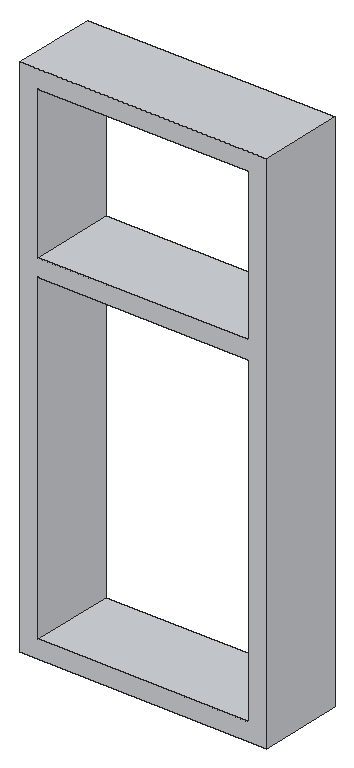
Revit family "Window_test", category 窗, Revit 2025
Family settings
  主体 = 墙
  OmniClass 编号 = 23.30.20.00
  OmniClass 标题 = Windows
  总是垂直 = 是
  载入时剪切的空心 = 否
  共享 = 否
  房间计算点 = 否
Parameters
  高度 = 1500 mm
  默认窗台高度 [instance] = 800 mm
  墙闭合 = 按主体
  宽度 = 800 mm
  liangzi_height [instance] = 480 mm
  Bottom_height [instance] = 800 mm
  AI_Width [instance] = 700 mm
  AI_Height [instance] = 1500 mm
Reference planes
  plane 1 "中心(前/后)": y = 0
  plane 2 "中心(左/右)": x = 0
  plane 3 "左": x = -350
  plane 4 "右": x = 350
  plane 5 "窗台": z = 800
  plane 6 "水头": z = 2300
  plane 7 "外部": y = 100
  plane 8 "内部": y = -100
  plane 9: z = 1820
Forms (mm)
  Extrusion 1, solid
    sketch origin (0, 0, 0) x (1, 0, 0) y (0, 0, 1)
      loop
        line (-350, 2300) -> (-350, 800) -> (350, 800) -> (350, 2300) -> (-350, 2300)
      loop
        line (-300, 2250) -> (-300, 1820) -> (300, 1820) -> (300, 2250) -> (-300, 2250)
      loop
        line (300, 850) -> (300, 1770) -> (-300, 1770) -> (-300, 850) -> (300, 850)
    from -120 to 120
Lines and regions (mm)
  Opening 1
    outline origin (3500, -100, 0) x (1, 0, 0) y (0, 0, 1)
      loop
        line (-3150, 800) -> (-3150, 2300) -> (-3850, 2300) -> (-3850, 800) -> (-3150, 800)
Text (mm)
  text "外部" at (-1963.203, 1332.353, 0), in view "参照标高"
  text "内部" at (-1981.466, -818.386, 0), in view "参照标高"
  text "外部" at (0, 923.751, 2943.296), in view "右"
  text "外部" at (0, 1040.484, 2685.409), in view "左"
Dimensions and locks
  equal spacing: plane 3 "左", plane 2 "中心(左/右)", plane 4 "右"
  "AI_Width": plane 3 "左" to plane 4 "右"
  "AI_Height": plane 5 "窗台" to plane 6 "水头"
  "Bottom_height": plane 5 "窗台" to level
  locked: plane 7 "外部" to host wall
  locked: plane 8 "内部" to host wall
  "liangzi_height": plane 6 "水头" to plane 9
  aligned and locked: Extrusion 1 sketch curve to host wall  (x4)
Automatic sketch dimensions
  Opening 1 sketch curve to plane 3 "左" = 0 mm
  Opening 1 sketch curve to plane 4 "右" = 0 mm
  Opening 1 sketch curve to plane 5 "窗台" = 0 mm
  Opening 1 sketch curve to plane 6 "水头" = 0 mm
  Extrusion 1 sketch curve to plane 3 "左" = 50 mm
  Extrusion 1 sketch curve to plane 5 "窗台" = 50 mm
  plane 6 "水头" to Extrusion 1 sketch curve = 50 mm
  Extrusion 1 sketch curve to plane 9 = 50 mm
  Extrusion 1 sketch curve to Extrusion 1 sketch curve = 0 mm  (x2)
  Extrusion 1 sketch curve to plane 9 = 0 mm
  plane 4 "右" to Extrusion 1 sketch curve = 50 mm
